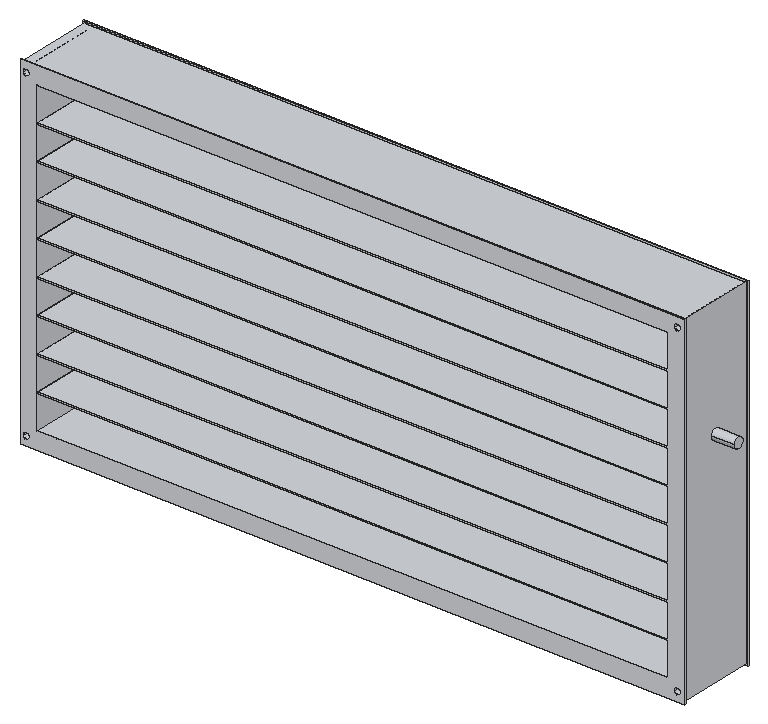
Revit family "18. Вертикальная заслонка ANR K1", category Оборудование, Revit 2016 (continued)
Definition of nested family "УГО заслонка №30 (разрез)"
  Lines and regions (mm)
    model lines, not visible
      curve 15: line (-88.681, 0, 249.852) -> (-88.681, 0, 218.46)
      curve 16: line (63.964, 0, 165.9) -> (-88.681, 0, 218.46)
      curve 17: line (63.964, 0, 165.9) -> (63.964, 0, 149.508)
      curve 18: line (63.964, 0, 149.508) -> (-88.681, 0, 96.948)
      curve 19: line (-88.681, 0, 96.948) -> (-88.681, 0, 65.557)
      curve 20: line (63.964, 0, 12.997) -> (-88.681, 0, 65.557)
      curve 23: circle (0, 0, 420) r 25 normal (0, -1, 0)
      curve 24: line (31.82, 0, 451.82) -> (-31.82, 0, 388.18)
      curve 25: circle (0, 0, 789.245) r 25 normal (0, 1, 0)
      curve 26: circle (0, 0, 536.745) r 25 normal (0, 1, 0)
      curve 27: circle (0, 0, 658.49) r 25 normal (0, 1, 0)
      curve 28: line (31.82, 0, 568.565) -> (-31.82, 0, 504.925)
      curve 29: line (31.82, 0, 690.31) -> (-31.82, 0, 626.671)
      curve 30: line (31.82, 0, 821.065) -> (-31.82, 0, 757.425)
      curve 31: circle (0, 0, 298.255) r 25 normal (0, 1, 0)
      curve 32: line (31.82, 0, 330.075) -> (-31.82, 0, 266.435)
      curve 33: circle (0, 0, 176.51) r 25 normal (0, 1, 0)
      curve 34: line (31.82, 0, 208.329) -> (-31.82, 0, 144.69)
      curve 35: circle (0, 0, 54.764) r 25 normal (0, 1, 0)
      curve 36: line (31.82, 0, 86.584) -> (-31.82, 0, 22.945)
      curve 43: line (-62.5, 0, 0) -> (62.5, 0, 0)
      curve 44: circle (0, 0, 520) r 25 normal (0, -1, 0)
      curve 45: line (31.82, 0, 551.82) -> (-31.82, 0, 488.18)
      curve 46: circle (0, 0, 680) r 25 normal (0, -1, 0)
      curve 47: line (31.82, 0, 711.82) -> (-31.82, 0, 648.18)
      curve 48: circle (0, 0, 840) r 25 normal (0, -1, 0)
      curve 49: line (31.82, 0, 871.82) -> (-31.82, 0, 808.18)
      curve 50: circle (0, 0, 1000) r 25 normal (0, -1, 0)
      curve 51: circle (0, 0, 360) r 25 normal (0, 1, 0)
      curve 52: circle (0, 0, 200) r 25 normal (0, 1, 0)
      curve 53: circle (0, 0, 40) r 25 normal (0, 1, 0)
      curve 54: line (31.82, 0, 391.82) -> (-31.82, 0, 328.18)
      curve 55: line (31.82, 0, 231.82) -> (-31.82, 0, 168.18)
      curve 56: line (31.82, 0, 71.82) -> (-31.82, 0, 8.18)
      curve 67: circle (0, 0, 700) r 25 normal (0, -1, 0)
      curve 68: line (31.82, 0, 731.82) -> (-31.82, 0, 668.18)
      curve 69: circle (0, 0, 860) r 25 normal (0, -1, 0)
      curve 70: line (31.82, 0, 891.82) -> (-31.82, 0, 828.18)
      curve 71: circle (0, 0, 1185) r 25 normal (0, -1, 0)
      curve 72: line (31.82, 0, 1216.82) -> (-31.82, 0, 1153.18)
      curve 73: circle (0, 0, 1345) r 25 normal (0, -1, 0)
      curve 74: line (31.82, 0, 1376.82) -> (-31.82, 0, 1313.18)
      curve 75: circle (0, 0, 1020) r 25 normal (0, -1, 0)
      curve 76: line (31.82, 0, 1051.82) -> (-31.82, 0, 988.18)
      curve 77: circle (0, 0, 540) r 25 normal (0, 1, 0)
      curve 78: circle (0, 0, 215) r 25 normal (0, 1, 0)
      curve 79: circle (0, 0, 55) r 25 normal (0, 1, 0)
      curve 80: circle (0, 0, 380) r 25 normal (0, 1, 0)
      curve 81: line (31.82, 0, 571.82) -> (-31.82, 0, 508.18)
      curve 82: line (31.82, 0, 411.82) -> (-31.82, 0, 348.18)
      curve 83: line (31.82, 0, 246.82) -> (-31.82, 0, 183.18)
      curve 84: line (31.82, 0, 86.82) -> (-31.82, 0, 23.18)
  Dimensions and locks
    equal spacing: plane 5, plane 3 "По центру (Влево/Вправо)", plane 6
    "длина": plane 5 to plane 6
    "высота": plane 4 to level
    equal spacing: plane 4, plane 7, plane 2
    aligned and locked: level to plane 2
  Automatic sketch dimensions
    curve 3 to plane 4 = 0 mm
    curve 3 to plane 6 = 0 mm
    curve 1 to level = 0 mm
    curve 1 to plane 5 = 0 mm
Definition of nested family "УГО заслонка №35 (разрез)"
  Parameters (values of type "УГО заслонка №35 (разрез)")
    длина [instance] = 125 mm
    высота [instance] = 1900 mm
    Ширина [instance] = 410 mm
    Частота вращения n, об/мин = ""
    Тип, марка, обозначение = ""
    Сила тока J, А = ""
    Раздел = ""
    Примечание = ""
    Позиция = ""
    Default Elevation = 1219.2 mm
    Напряжение U,В = ""
    Наименование и тех.хар-ка = ""
    Мощность двигателя N,Вт = ""
    Материал = none
    Масса единицы = ""
    Код, оборудования = ""
    Keynote = ""
    Завод изготовитель = ""
    Единица измерения = ""
    Диаметр = 110 mm
  Reference planes
    plane 1 "По центру (Вперед/Назад)": y = 0
    plane 2: z = 0
    plane 3 "По центру (Влево/Вправо)": x = 0
    plane 4: z = 1900
    plane 5: x = 62.5
    plane 6: x = -62.5
    plane 7: z = 950
  Lines and regions (mm)
    model lines
      curve 1: line (-62.5, 0, 0) -> (62.5, 0, 0)
      curve 2: line (-62.5, 0, 1900) -> (-62.5, 0, 0)
      curve 3: line (62.5, 0, 1900) -> (-62.5, 0, 1900)
      curve 4: line (62.5, 0, 0) -> (62.5, 0, 1900)
      curve 21: circle (0, 0, 950) r 25 normal (0, -1, 0)
      curve 22: line (31.82, 0, 981.82) -> (-31.82, 0, 918.18)
      curve 37: circle (0, 0, 1110) r 25 normal (0, -1, 0)
      curve 38: line (31.82, 0, 1141.82) -> (-31.82, 0, 1078.18)
      curve 39: circle (0, 0, 1435) r 25 normal (0, -1, 0)
      curve 40: line (31.82, 0, 1466.82) -> (-31.82, 0, 1403.18)
      curve 55: circle (0, 0, 1270) r 25 normal (0, -1, 0)
      curve 56: line (31.82, 0, 1301.82) -> (-31.82, 0, 1238.18)
      curve 57: circle (0, 0, 620) r 25 normal (0, 1, 0)
      curve 58: circle (0, 0, 295) r 25 normal (0, 1, 0)
      curve 59: circle (0, 0, 135) r 25 normal (0, 1, 0)
      curve 60: circle (0, 0, 460) r 25 normal (0, 1, 0)
      curve 61: line (31.82, 0, 651.82) -> (-31.82, 0, 588.18)
      curve 62: line (31.82, 0, 491.82) -> (-31.82, 0, 428.18)
      curve 63: line (31.82, 0, 326.82) -> (-31.82, 0, 263.18)
      curve 64: line (31.82, 0, 166.82) -> (-31.82, 0, 103.18)
      curve 83: circle (0, 0, 780) r 25 normal (0, 1, 0)
      curve 84: line (31.82, 0, 811.82) -> (-31.82, 0, 748.18)
      curve 85: circle (0, 0, 1600) r 25 normal (0, -1, 0)
      curve 86: line (31.82, 0, 1631.82) -> (-31.82, 0, 1568.18)
      curve 87: circle (0, 0, 1765) r 25 normal (0, -1, 0)
      curve 88: line (31.82, 0, 1796.82) -> (-31.82, 0, 1733.18)
    model lines, not visible
      curve 5: line (63.964, 0, 624.61) -> (63.964, 0, 608.219)
      curve 6: line (63.964, 0, 608.219) -> (-88.681, 0, 555.659)
      curve 7: line (-88.681, 0, 555.659) -> (-88.681, 0, 524.267)
      curve 8: line (63.964, 0, 471.707) -> (-88.681, 0, 524.267)
      curve 9: line (63.964, 0, 471.707) -> (63.964, 0, 455.315)
      curve 10: line (63.964, 0, 455.315) -> (-88.681, 0, 402.755)
      curve 11: line (-88.681, 0, 402.755) -> (-88.681, 0, 371.363)
      curve 12: line (63.964, 0, 318.804) -> (-88.681, 0, 371.363)
      curve 13: line (63.964, 0, 318.804) -> (63.964, 0, 302.412)
      curve 14: line (63.964, 0, 302.412) -> (-88.681, 0, 249.852)
      curve 15: line (-88.681, 0, 249.852) -> (-88.681, 0, 218.46)
      curve 16: line (63.964, 0, 165.9) -> (-88.681, 0, 218.46)
      curve 17: line (63.964, 0, 165.9) -> (63.964, 0, 149.508)
      curve 18: line (63.964, 0, 149.508) -> (-88.681, 0, 96.948)
      curve 19: line (-88.681, 0, 96.948) -> (-88.681, 0, 65.557)
      curve 20: line (63.964, 0, 12.997) -> (-88.681, 0, 65.557)
      curve 23: circle (0, 0, 420) r 25 normal (0, -1, 0)
      curve 24: line (31.82, 0, 451.82) -> (-31.82, 0, 388.18)
      curve 25: circle (0, 0, 789.245) r 25 normal (0, 1, 0)
      curve 26: circle (0, 0, 536.745) r 25 normal (0, 1, 0)
      curve 27: circle (0, 0, 658.49) r 25 normal (0, 1, 0)
      curve 28: line (31.82, 0, 568.565) -> (-31.82, 0, 504.925)
      curve 29: line (31.82, 0, 690.31) -> (-31.82, 0, 626.671)
      curve 30: line (31.82, 0, 821.065) -> (-31.82, 0, 757.425)
      curve 31: circle (0, 0, 298.255) r 25 normal (0, 1, 0)
      curve 32: line (31.82, 0, 330.075) -> (-31.82, 0, 266.435)
      curve 33: circle (0, 0, 176.51) r 25 normal (0, 1, 0)
      curve 34: line (31.82, 0, 208.329) -> (-31.82, 0, 144.69)
      curve 35: circle (0, 0, 54.764) r 25 normal (0, 1, 0)
      curve 36: line (31.82, 0, 86.584) -> (-31.82, 0, 22.945)
      curve 41: line (-62.5, 0, 0) -> (62.5, 0, 0)
      curve 42: circle (0, 0, 520) r 25 normal (0, -1, 0)
      curve 43: line (31.82, 0, 551.82) -> (-31.82, 0, 488.18)
      curve 44: circle (0, 0, 680) r 25 normal (0, -1, 0)
      curve 45: line (31.82, 0, 711.82) -> (-31.82, 0, 648.18)
      curve 46: circle (0, 0, 840) r 25 normal (0, -1, 0)
      curve 47: line (31.82, 0, 871.82) -> (-31.82, 0, 808.18)
      curve 48: circle (0, 0, 1000) r 25 normal (0, -1, 0)
      curve 49: circle (0, 0, 360) r 25 normal (0, 1, 0)
      curve 50: circle (0, 0, 200) r 25 normal (0, 1, 0)
      curve 51: circle (0, 0, 40) r 25 normal (0, 1, 0)
      curve 52: line (31.82, 0, 391.82) -> (-31.82, 0, 328.18)
      curve 53: line (31.82, 0, 231.82) -> (-31.82, 0, 168.18)
      curve 54: line (31.82, 0, 71.82) -> (-31.82, 0, 8.18)
      curve 65: circle (0, 0, 700) r 25 normal (0, -1, 0)
      curve 66: line (31.82, 0, 731.82) -> (-31.82, 0, 668.18)
      curve 67: circle (0, 0, 860) r 25 normal (0, -1, 0)
      curve 68: line (31.82, 0, 891.82) -> (-31.82, 0, 828.18)
      curve 69: circle (0, 0, 1185) r 25 normal (0, -1, 0)
      curve 70: line (31.82, 0, 1216.82) -> (-31.82, 0, 1153.18)
      curve 71: circle (0, 0, 1345) r 25 normal (0, -1, 0)
      curve 72: line (31.82, 0, 1376.82) -> (-31.82, 0, 1313.18)
      curve 73: circle (0, 0, 1020) r 25 normal (0, -1, 0)
      curve 74: line (31.82, 0, 1051.82) -> (-31.82, 0, 988.18)
      curve 75: circle (0, 0, 540) r 25 normal (0, 1, 0)
      curve 76: circle (0, 0, 215) r 25 normal (0, 1, 0)
      curve 77: circle (0, 0, 55) r 25 normal (0, 1, 0)
      curve 78: circle (0, 0, 380) r 25 normal (0, 1, 0)
      curve 79: line (31.82, 0, 571.82) -> (-31.82, 0, 508.18)
      curve 80: line (31.82, 0, 411.82) -> (-31.82, 0, 348.18)
      curve 81: line (31.82, 0, 246.82) -> (-31.82, 0, 183.18)
      curve 82: line (31.82, 0, 86.82) -> (-31.82, 0, 23.18)
      curve 89: circle (0, 0, 950) r 25 normal (0, -1, 0)
      curve 90: line (31.82, 0, 981.82) -> (-31.82, 0, 918.18)
      curve 91: circle (0, 0, 1110) r 25 normal (0, -1, 0)
      curve 92: line (31.82, 0, 1141.82) -> (-31.82, 0, 1078.18)
      curve 93: circle (0, 0, 1435) r 25 normal (0, -1, 0)
      curve 94: line (31.82, 0, 1466.82) -> (-31.82, 0, 1403.18)
      curve 95: circle (0, 0, 1270) r 25 normal (0, -1, 0)
      curve 96: line (31.82, 0, 1301.82) -> (-31.82, 0, 1238.18)
      curve 97: circle (0, 0, 620) r 25 normal (0, 1, 0)
      curve 98: circle (0, 0, 295) r 25 normal (0, 1, 0)
      curve 99: circle (0, 0, 135) r 25 normal (0, 1, 0)
      curve 100: circle (0, 0, 460) r 25 normal (0, 1, 0)
      curve 101: line (31.82, 0, 651.82) -> (-31.82, 0, 588.18)
      curve 102: line (31.82, 0, 491.82) -> (-31.82, 0, 428.18)
      curve 103: line (31.82, 0, 326.82) -> (-31.82, 0, 263.18)
      curve 104: line (31.82, 0, 166.82) -> (-31.82, 0, 103.18)
      curve 105: circle (0, 0, 780) r 25 normal (0, 1, 0)
      curve 106: line (31.82, 0, 811.82) -> (-31.82, 0, 748.18)
      curve 107: circle (0, 0, 1600) r 25 normal (0, -1, 0)
      curve 108: line (31.82, 0, 1631.82) -> (-31.82, 0, 1568.18)
      curve 109: circle (0, 0, 1765) r 25 normal (0, -1, 0)
      curve 110: line (31.82, 0, 1796.82) -> (-31.82, 0, 1733.18)
  Dimensions and locks
    equal spacing: plane 5, plane 3 "По центру (Влево/Вправо)", plane 6
    "длина": plane 5 to plane 6
    "высота": plane 4 to level
    equal spacing: plane 4, plane 7, plane 2
    aligned and locked: level to plane 2
  Automatic sketch dimensions
    curve 3 to plane 4 = 0 mm
    curve 3 to plane 6 = 0 mm
    curve 4 to level = 0 mm
    curve 4 to plane 5 = 0 mm
Definition of nested family "УГО заслонка №40 (разрез)"
  Parameters (values of type "УГО заслонка №40 (разрез)")
    длина [instance] = 125 mm
    высота [instance] = 2100 mm
    Ширина [instance] = 410 mm
    Частота вращения n, об/мин = ""
    Тип, марка, обозначение = ""
    Сила тока J, А = ""
    Раздел = ""
    Примечание = ""
    Позиция = ""
    Default Elevation = 1219.2 mm
    Напряжение U,В = ""
    Наименование и тех.хар-ка = ""
    Мощность двигателя N,Вт = ""
    Материал = none
    Масса единицы = ""
    Код, оборудования = ""
    Keynote = ""
    Завод изготовитель = ""
    Единица измерения = ""
    Диаметр = 110 mm
  Reference planes
    plane 1 "По центру (Вперед/Назад)": y = 0
    plane 2: z = 0
    plane 3 "По центру (Влево/Вправо)": x = 0
    plane 4: z = 2100
    plane 5: x = 62.5
    plane 6: x = -62.5
    plane 7: z = 1050
  Lines and regions (mm)
    model lines
      curve 1: line (-62.5, 0, 0) -> (62.5, 0, 0)
      curve 2: line (-62.5, 0, 2100) -> (-62.5, 0, 0)
      curve 3: line (62.5, 0, 2100) -> (-62.5, 0, 2100)
      curve 4: line (62.5, 0, 0) -> (62.5, 0, 2100)
      curve 21: circle (0, 0, 1050) r 25 normal (0, -1, 0)
      curve 22: line (31.82, 0, 1081.82) -> (-31.82, 0, 1018.18)
      curve 37: circle (0, 0, 1210) r 25 normal (0, -1, 0)
      curve 38: line (31.82, 0, 1241.82) -> (-31.82, 0, 1178.18)
      curve 39: circle (0, 0, 1535) r 25 normal (0, -1, 0)
      curve 40: line (31.82, 0, 1566.82) -> (-31.82, 0, 1503.18)
      curve 55: circle (0, 0, 1370) r 25 normal (0, -1, 0)
      curve 56: line (31.82, 0, 1401.82) -> (-31.82, 0, 1338.18)
      curve 57: circle (0, 0, 720) r 25 normal (0, 1, 0)
      curve 58: circle (0, 0, 395) r 25 normal (0, 1, 0)
      curve 59: circle (0, 0, 235) r 25 normal (0, 1, 0)
      curve 60: circle (0, 0, 560) r 25 normal (0, 1, 0)
      curve 61: line (31.82, 0, 751.82) -> (-31.82, 0, 688.18)
      curve 62: line (31.82, 0, 591.82) -> (-31.82, 0, 528.18)
      curve 63: line (31.82, 0, 426.82) -> (-31.82, 0, 363.18)
      curve 64: line (31.82, 0, 266.82) -> (-31.82, 0, 203.18)
      curve 83: circle (0, 0, 880) r 25 normal (0, 1, 0)
      curve 84: line (31.82, 0, 911.82) -> (-31.82, 0, 848.18)
      curve 85: circle (0, 0, 1700) r 25 normal (0, -1, 0)
      curve 86: line (31.82, 0, 1731.82) -> (-31.82, 0, 1668.18)
      curve 109: circle (0, 0, 1865) r 25 normal (0, -1, 0)
      curve 110: line (31.82, 0, 1896.82) -> (-31.82, 0, 1833.18)
    model lines, not visible
      curve 5: line (63.964, 0, 624.61) -> (63.964, 0, 608.219)
      curve 6: line (63.964, 0, 608.219) -> (-88.681, 0, 555.659)
      curve 7: line (-88.681, 0, 555.659) -> (-88.681, 0, 524.267)
      curve 8: line (63.964, 0, 471.707) -> (-88.681, 0, 524.267)
      curve 9: line (63.964, 0, 471.707) -> (63.964, 0, 455.315)
      curve 10: line (63.964, 0, 455.315) -> (-88.681, 0, 402.755)
      curve 11: line (-88.681, 0, 402.755) -> (-88.681, 0, 371.363)
      curve 12: line (63.964, 0, 318.804) -> (-88.681, 0, 371.363)
      curve 13: line (63.964, 0, 318.804) -> (63.964, 0, 302.412)
      curve 14: line (63.964, 0, 302.412) -> (-88.681, 0, 249.852)
      curve 15: line (-88.681, 0, 249.852) -> (-88.681, 0, 218.46)
      curve 16: line (63.964, 0, 165.9) -> (-88.681, 0, 218.46)
      curve 17: line (63.964, 0, 165.9) -> (63.964, 0, 149.508)
      curve 18: line (63.964, 0, 149.508) -> (-88.681, 0, 96.948)
      curve 19: line (-88.681, 0, 96.948) -> (-88.681, 0, 65.557)
      curve 20: line (63.964, 0, 12.997) -> (-88.681, 0, 65.557)
      curve 23: circle (0, 0, 420) r 25 normal (0, -1, 0)
      curve 24: line (31.82, 0, 451.82) -> (-31.82, 0, 388.18)
      curve 25: circle (0, 0, 789.245) r 25 normal (0, 1, 0)
      curve 26: circle (0, 0, 536.745) r 25 normal (0, 1, 0)
      curve 27: circle (0, 0, 658.49) r 25 normal (0, 1, 0)
      curve 28: line (31.82, 0, 568.565) -> (-31.82, 0, 504.925)
      curve 29: line (31.82, 0, 690.31) -> (-31.82, 0, 626.671)
      curve 30: line (31.82, 0, 821.065) -> (-31.82, 0, 757.425)
      curve 31: circle (0, 0, 298.255) r 25 normal (0, 1, 0)
      curve 32: line (31.82, 0, 330.075) -> (-31.82, 0, 266.435)
      curve 33: circle (0, 0, 176.51) r 25 normal (0, 1, 0)
      curve 34: line (31.82, 0, 208.329) -> (-31.82, 0, 144.69)
      curve 35: circle (0, 0, 54.764) r 25 normal (0, 1, 0)
      curve 36: line (31.82, 0, 86.584) -> (-31.82, 0, 22.945)
      curve 41: line (-62.5, 0, 0) -> (62.5, 0, 0)
      curve 42: circle (0, 0, 520) r 25 normal (0, -1, 0)
      curve 43: line (31.82, 0, 551.82) -> (-31.82, 0, 488.18)
      curve 44: circle (0, 0, 680) r 25 normal (0, -1, 0)
      curve 45: line (31.82, 0, 711.82) -> (-31.82, 0, 648.18)
      curve 46: circle (0, 0, 840) r 25 normal (0, -1, 0)
      curve 47: line (31.82, 0, 871.82) -> (-31.82, 0, 808.18)
      curve 48: circle (0, 0, 1000) r 25 normal (0, -1, 0)
      curve 49: circle (0, 0, 360) r 25 normal (0, 1, 0)
      curve 50: circle (0, 0, 200) r 25 normal (0, 1, 0)
      curve 51: circle (0, 0, 40) r 25 normal (0, 1, 0)
      curve 52: line (31.82, 0, 391.82) -> (-31.82, 0, 328.18)
      curve 53: line (31.82, 0, 231.82) -> (-31.82, 0, 168.18)
      curve 54: line (31.82, 0, 71.82) -> (-31.82, 0, 8.18)
      curve 65: circle (0, 0, 700) r 25 normal (0, -1, 0)
      curve 66: line (31.82, 0, 731.82) -> (-31.82, 0, 668.18)
      curve 67: circle (0, 0, 860) r 25 normal (0, -1, 0)
      curve 68: line (31.82, 0, 891.82) -> (-31.82, 0, 828.18)
      curve 69: circle (0, 0, 1185) r 25 normal (0, -1, 0)
      curve 70: line (31.82, 0, 1216.82) -> (-31.82, 0, 1153.18)
      curve 71: circle (0, 0, 1345) r 25 normal (0, -1, 0)
      curve 72: line (31.82, 0, 1376.82) -> (-31.82, 0, 1313.18)
      curve 73: circle (0, 0, 1020) r 25 normal (0, -1, 0)
      curve 74: line (31.82, 0, 1051.82) -> (-31.82, 0, 988.18)
      curve 75: circle (0, 0, 540) r 25 normal (0, 1, 0)
      curve 76: circle (0, 0, 215) r 25 normal (0, 1, 0)
      curve 77: circle (0, 0, 55) r 25 normal (0, 1, 0)
      curve 78: circle (0, 0, 380) r 25 normal (0, 1, 0)
      curve 79: line (31.82, 0, 571.82) -> (-31.82, 0, 508.18)
      curve 80: line (31.82, 0, 411.82) -> (-31.82, 0, 348.18)
      curve 81: line (31.82, 0, 246.82) -> (-31.82, 0, 183.18)
      curve 82: line (31.82, 0, 86.82) -> (-31.82, 0, 23.18)
      curve 87: circle (0, 0, 950) r 25 normal (0, -1, 0)
      curve 88: line (31.82, 0, 981.82) -> (-31.82, 0, 918.18)
      curve 89: circle (0, 0, 1110) r 25 normal (0, -1, 0)
      curve 90: line (31.82, 0, 1141.82) -> (-31.82, 0, 1078.18)
      curve 91: circle (0, 0, 1435) r 25 normal (0, -1, 0)
      curve 92: line (31.82, 0, 1466.82) -> (-31.82, 0, 1403.18)
      curve 93: circle (0, 0, 1270) r 25 normal (0, -1, 0)
      curve 94: line (31.82, 0, 1301.82) -> (-31.82, 0, 1238.18)
      curve 95: circle (0, 0, 620) r 25 normal (0, 1, 0)
      curve 96: circle (0, 0, 295) r 25 normal (0, 1, 0)
      curve 97: circle (0, 0, 135) r 25 normal (0, 1, 0)
      curve 98: circle (0, 0, 460) r 25 normal (0, 1, 0)
      curve 99: line (31.82, 0, 651.82) -> (-31.82, 0, 588.18)
      curve 100: line (31.82, 0, 491.82) -> (-31.82, 0, 428.18)
      curve 101: line (31.82, 0, 326.82) -> (-31.82, 0, 263.18)
      curve 102: line (31.82, 0, 166.82) -> (-31.82, 0, 103.18)
      curve 103: circle (0, 0, 780) r 25 normal (0, 1, 0)
      curve 104: line (31.82, 0, 811.82) -> (-31.82, 0, 748.18)
      curve 105: circle (0, 0, 1600) r 25 normal (0, -1, 0)
      curve 106: line (31.82, 0, 1631.82) -> (-31.82, 0, 1568.18)
      curve 107: circle (0, 0, 1765) r 25 normal (0, -1, 0)
      curve 108: line (31.82, 0, 1796.82) -> (-31.82, 0, 1733.18)
      curve 111: circle (0, 0, 1050) r 25 normal (0, -1, 0)
      curve 112: line (31.82, 0, 1081.82) -> (-31.82, 0, 1018.18)
      curve 113: circle (0, 0, 1210) r 25 normal (0, -1, 0)
      curve 114: line (31.82, 0, 1241.82) -> (-31.82, 0, 1178.18)
      curve 115: circle (0, 0, 1535) r 25 normal (0, -1, 0)
      curve 116: line (31.82, 0, 1566.82) -> (-31.82, 0, 1503.18)
      curve 117: circle (0, 0, 1370) r 25 normal (0, -1, 0)
      curve 118: line (31.82, 0, 1401.82) -> (-31.82, 0, 1338.18)
      curve 119: circle (0, 0, 720) r 25 normal (0, 1, 0)
      curve 120: circle (0, 0, 395) r 25 normal (0, 1, 0)
      curve 121: circle (0, 0, 235) r 25 normal (0, 1, 0)
      curve 122: circle (0, 0, 560) r 25 normal (0, 1, 0)
      curve 123: line (31.82, 0, 751.82) -> (-31.82, 0, 688.18)
      curve 124: line (31.82, 0, 591.82) -> (-31.82, 0, 528.18)
      curve 125: line (31.82, 0, 426.82) -> (-31.82, 0, 363.18)
      curve 126: line (31.82, 0, 266.82) -> (-31.82, 0, 203.18)
      curve 127: circle (0, 0, 880) r 25 normal (0, 1, 0)
      curve 128: line (31.82, 0, 911.82) -> (-31.82, 0, 848.18)
      curve 129: circle (0, 0, 1700) r 25 normal (0, -1, 0)
      curve 130: line (31.82, 0, 1731.82) -> (-31.82, 0, 1668.18)
      curve 131: circle (0, 0, 1865) r 25 normal (0, -1, 0)
      curve 132: line (31.82, 0, 1896.82) -> (-31.82, 0, 1833.18)
  Dimensions and locks
    equal spacing: plane 5, plane 3 "По центру (Влево/Вправо)", plane 6
    "длина": plane 5 to plane 6
    "высота": plane 4 to level
    equal spacing: plane 4, plane 7, plane 2
    aligned and locked: level to plane 2
  Automatic sketch dimensions
    curve 3 to plane 4 = 0 mm
    curve 3 to plane 6 = 0 mm
    curve 4 to level = 0 mm
    curve 4 to plane 5 = 0 mm
Definition of nested family "УГО заслонка №45 (разрез)"
  Parameters (values of type "УГО заслонка №45 (разрез)")
    длина [instance] = 125 mm
    высота [instance] = 2100 mm
    Ширина [instance] = 410 mm
    Частота вращения n, об/мин = ""
    Тип, марка, обозначение = ""
    Сила тока J, А = ""
    Раздел = ""
    Примечание = ""
    Позиция = ""
    Default Elevation = 1219.2 mm
    Напряжение U,В = ""
    Наименование и тех.хар-ка = ""
    Мощность двигателя N,Вт = ""
    Материал = none
    Масса единицы = ""
    Код, оборудования = ""
    Keynote = ""
    Завод изготовитель = ""
    Единица измерения = ""
    Диаметр = 110 mm
  Reference planes
    plane 1 "По центру (Вперед/Назад)": y = 0
    plane 2: z = 0
    plane 3 "По центру (Влево/Вправо)": x = 0
    plane 4: z = 2100
    plane 5: x = 62.5
    plane 6: x = -62.5
    plane 7: z = 1050
  Lines and regions (mm)
    model lines
      curve 1: line (-62.5, 0, 0) -> (62.5, 0, 0)
      curve 2: line (-62.5, 0, 2100) -> (-62.5, 0, 0)
      curve 3: line (62.5, 0, 2100) -> (-62.5, 0, 2100)
      curve 4: line (62.5, 0, 0) -> (62.5, 0, 2100)
      curve 21: circle (0, 0, 1050) r 25 normal (0, -1, 0)
      curve 22: line (31.82, 0, 1081.82) -> (-31.82, 0, 1018.18)
      curve 37: circle (0, 0, 1210) r 25 normal (0, -1, 0)
      curve 38: line (31.82, 0, 1241.82) -> (-31.82, 0, 1178.18)
      curve 39: circle (0, 0, 1535) r 25 normal (0, -1, 0)
      curve 40: line (31.82, 0, 1566.82) -> (-31.82, 0, 1503.18)
      curve 55: circle (0, 0, 1370) r 25 normal (0, -1, 0)
      curve 56: line (31.82, 0, 1401.82) -> (-31.82, 0, 1338.18)
      curve 57: circle (0, 0, 720) r 25 normal (0, 1, 0)
      curve 58: circle (0, 0, 395) r 25 normal (0, 1, 0)
      curve 59: circle (0, 0, 235) r 25 normal (0, 1, 0)
      curve 60: circle (0, 0, 560) r 25 normal (0, 1, 0)
      curve 61: line (31.82, 0, 751.82) -> (-31.82, 0, 688.18)
      curve 62: line (31.82, 0, 591.82) -> (-31.82, 0, 528.18)
      curve 63: line (31.82, 0, 426.82) -> (-31.82, 0, 363.18)
      curve 64: line (31.82, 0, 266.82) -> (-31.82, 0, 203.18)
      curve 83: circle (0, 0, 880) r 25 normal (0, 1, 0)
      curve 84: line (31.82, 0, 911.82) -> (-31.82, 0, 848.18)
      curve 85: circle (0, 0, 1700) r 25 normal (0, -1, 0)
      curve 86: line (31.82, 0, 1731.82) -> (-31.82, 0, 1668.18)
      curve 109: circle (0, 0, 1865) r 25 normal (0, -1, 0)
      curve 110: line (31.82, 0, 1896.82) -> (-31.82, 0, 1833.18)
      curve 133: circle (0, 0, 2030) r 25 normal (0, -1, 0)
      curve 134: line (31.82, 0, 2061.82) -> (-31.82, 0, 1998.18)
      curve 135: circle (0, 0, 75) r 25 normal (0, 1, 0)
      curve 136: line (31.82, 0, 106.82) -> (-31.82, 0, 43.18)
    model lines, not visible
      curve 5: line (63.964, 0, 624.61) -> (63.964, 0, 608.219)
      curve 6: line (63.964, 0, 608.219) -> (-88.681, 0, 555.659)
      curve 7: line (-88.681, 0, 555.659) -> (-88.681, 0, 524.267)
      curve 8: line (63.964, 0, 471.707) -> (-88.681, 0, 524.267)
      curve 9: line (63.964, 0, 471.707) -> (63.964, 0, 455.315)
      curve 10: line (63.964, 0, 455.315) -> (-88.681, 0, 402.755)
      curve 11: line (-88.681, 0, 402.755) -> (-88.681, 0, 371.363)
      curve 12: line (63.964, 0, 318.804) -> (-88.681, 0, 371.363)
      curve 13: line (63.964, 0, 318.804) -> (63.964, 0, 302.412)
      curve 14: line (63.964, 0, 302.412) -> (-88.681, 0, 249.852)
      curve 15: line (-88.681, 0, 249.852) -> (-88.681, 0, 218.46)
      curve 16: line (63.964, 0, 165.9) -> (-88.681, 0, 218.46)
      curve 17: line (63.964, 0, 165.9) -> (63.964, 0, 149.508)
      curve 18: line (63.964, 0, 149.508) -> (-88.681, 0, 96.948)
      curve 19: line (-88.681, 0, 96.948) -> (-88.681, 0, 65.557)
      curve 20: line (63.964, 0, 12.997) -> (-88.681, 0, 65.557)
      curve 23: circle (0, 0, 420) r 25 normal (0, -1, 0)
      curve 24: line (31.82, 0, 451.82) -> (-31.82, 0, 388.18)
      curve 25: circle (0, 0, 789.245) r 25 normal (0, 1, 0)
      curve 26: circle (0, 0, 536.745) r 25 normal (0, 1, 0)
      curve 27: circle (0, 0, 658.49) r 25 normal (0, 1, 0)
      curve 28: line (31.82, 0, 568.565) -> (-31.82, 0, 504.925)
      curve 29: line (31.82, 0, 690.31) -> (-31.82, 0, 626.671)
      curve 30: line (31.82, 0, 821.065) -> (-31.82, 0, 757.425)
      curve 31: circle (0, 0, 298.255) r 25 normal (0, 1, 0)
      curve 32: line (31.82, 0, 330.075) -> (-31.82, 0, 266.435)
      curve 33: circle (0, 0, 176.51) r 25 normal (0, 1, 0)
      curve 34: line (31.82, 0, 208.329) -> (-31.82, 0, 144.69)
      curve 35: circle (0, 0, 54.764) r 25 normal (0, 1, 0)
      curve 36: line (31.82, 0, 86.584) -> (-31.82, 0, 22.945)
      curve 41: line (-62.5, 0, 0) -> (62.5, 0, 0)
      curve 42: circle (0, 0, 520) r 25 normal (0, -1, 0)
      curve 43: line (31.82, 0, 551.82) -> (-31.82, 0, 488.18)
      curve 44: circle (0, 0, 680) r 25 normal (0, -1, 0)
      curve 45: line (31.82, 0, 711.82) -> (-31.82, 0, 648.18)
      curve 46: circle (0, 0, 840) r 25 normal (0, -1, 0)
      curve 47: line (31.82, 0, 871.82) -> (-31.82, 0, 808.18)
      curve 48: circle (0, 0, 1000) r 25 normal (0, -1, 0)
      curve 49: circle (0, 0, 360) r 25 normal (0, 1, 0)
      curve 50: circle (0, 0, 200) r 25 normal (0, 1, 0)
      curve 51: circle (0, 0, 40) r 25 normal (0, 1, 0)
      curve 52: line (31.82, 0, 391.82) -> (-31.82, 0, 328.18)
      curve 53: line (31.82, 0, 231.82) -> (-31.82, 0, 168.18)
      curve 54: line (31.82, 0, 71.82) -> (-31.82, 0, 8.18)
      curve 65: circle (0, 0, 700) r 25 normal (0, -1, 0)
      curve 66: line (31.82, 0, 731.82) -> (-31.82, 0, 668.18)
      curve 67: circle (0, 0, 860) r 25 normal (0, -1, 0)
      curve 68: line (31.82, 0, 891.82) -> (-31.82, 0, 828.18)
      curve 69: circle (0, 0, 1185) r 25 normal (0, -1, 0)
      curve 70: line (31.82, 0, 1216.82) -> (-31.82, 0, 1153.18)
      curve 71: circle (0, 0, 1345) r 25 normal (0, -1, 0)
      curve 72: line (31.82, 0, 1376.82) -> (-31.82, 0, 1313.18)
      curve 73: circle (0, 0, 1020) r 25 normal (0, -1, 0)
      curve 74: line (31.82, 0, 1051.82) -> (-31.82, 0, 988.18)
      curve 75: circle (0, 0, 540) r 25 normal (0, 1, 0)
      curve 76: circle (0, 0, 215) r 25 normal (0, 1, 0)
      curve 77: circle (0, 0, 55) r 25 normal (0, 1, 0)
      curve 78: circle (0, 0, 380) r 25 normal (0, 1, 0)
      curve 79: line (31.82, 0, 571.82) -> (-31.82, 0, 508.18)
      curve 80: line (31.82, 0, 411.82) -> (-31.82, 0, 348.18)
      curve 81: line (31.82, 0, 246.82) -> (-31.82, 0, 183.18)
      curve 82: line (31.82, 0, 86.82) -> (-31.82, 0, 23.18)
      curve 87: circle (0, 0, 950) r 25 normal (0, -1, 0)
      curve 88: line (31.82, 0, 981.82) -> (-31.82, 0, 918.18)
      curve 89: circle (0, 0, 1110) r 25 normal (0, -1, 0)
      curve 90: line (31.82, 0, 1141.82) -> (-31.82, 0, 1078.18)
      curve 91: circle (0, 0, 1435) r 25 normal (0, -1, 0)
      curve 92: line (31.82, 0, 1466.82) -> (-31.82, 0, 1403.18)
      curve 93: circle (0, 0, 1270) r 25 normal (0, -1, 0)
      curve 94: line (31.82, 0, 1301.82) -> (-31.82, 0, 1238.18)
      curve 95: circle (0, 0, 620) r 25 normal (0, 1, 0)
      curve 96: circle (0, 0, 295) r 25 normal (0, 1, 0)
      curve 97: circle (0, 0, 135) r 25 normal (0, 1, 0)
      curve 98: circle (0, 0, 460) r 25 normal (0, 1, 0)
      curve 99: line (31.82, 0, 651.82) -> (-31.82, 0, 588.18)
      curve 100: line (31.82, 0, 491.82) -> (-31.82, 0, 428.18)
      curve 101: line (31.82, 0, 326.82) -> (-31.82, 0, 263.18)
      curve 102: line (31.82, 0, 166.82) -> (-31.82, 0, 103.18)
      curve 103: circle (0, 0, 780) r 25 normal (0, 1, 0)
      curve 104: line (31.82, 0, 811.82) -> (-31.82, 0, 748.18)
      curve 105: circle (0, 0, 1600) r 25 normal (0, -1, 0)
      curve 106: line (31.82, 0, 1631.82) -> (-31.82, 0, 1568.18)
      curve 107: circle (0, 0, 1765) r 25 normal (0, -1, 0)
      curve 108: line (31.82, 0, 1796.82) -> (-31.82, 0, 1733.18)
      curve 111: circle (0, 0, 1050) r 25 normal (0, -1, 0)
      curve 112: line (31.82, 0, 1081.82) -> (-31.82, 0, 1018.18)
      curve 113: circle (0, 0, 1210) r 25 normal (0, -1, 0)
      curve 114: line (31.82, 0, 1241.82) -> (-31.82, 0, 1178.18)
      curve 115: circle (0, 0, 1535) r 25 normal (0, -1, 0)
      curve 116: line (31.82, 0, 1566.82) -> (-31.82, 0, 1503.18)
      curve 117: circle (0, 0, 1370) r 25 normal (0, -1, 0)
      curve 118: line (31.82, 0, 1401.82) -> (-31.82, 0, 1338.18)
      curve 119: circle (0, 0, 720) r 25 normal (0, 1, 0)
      curve 120: circle (0, 0, 395) r 25 normal (0, 1, 0)
      curve 121: circle (0, 0, 235) r 25 normal (0, 1, 0)
      curve 122: circle (0, 0, 560) r 25 normal (0, 1, 0)
      curve 123: line (31.82, 0, 751.82) -> (-31.82, 0, 688.18)
      curve 124: line (31.82, 0, 591.82) -> (-31.82, 0, 528.18)
      curve 125: line (31.82, 0, 426.82) -> (-31.82, 0, 363.18)
      curve 126: line (31.82, 0, 266.82) -> (-31.82, 0, 203.18)
      curve 127: circle (0, 0, 880) r 25 normal (0, 1, 0)
      curve 128: line (31.82, 0, 911.82) -> (-31.82, 0, 848.18)
      curve 129: circle (0, 0, 1700) r 25 normal (0, -1, 0)
      curve 130: line (31.82, 0, 1731.82) -> (-31.82, 0, 1668.18)
      curve 131: circle (0, 0, 1865) r 25 normal (0, -1, 0)
      curve 132: line (31.82, 0, 1896.82) -> (-31.82, 0, 1833.18)
      curve 137: circle (0, 0, 1050) r 25 normal (0, -1, 0)
      curve 138: line (31.82, 0, 1081.82) -> (-31.82, 0, 1018.18)
      curve 139: circle (0, 0, 1210) r 25 normal (0, -1, 0)
      curve 140: line (31.82, 0, 1241.82) -> (-31.82, 0, 1178.18)
      curve 141: circle (0, 0, 1535) r 25 normal (0, -1, 0)
      curve 142: line (31.82, 0, 1566.82) -> (-31.82, 0, 1503.18)
      curve 143: circle (0, 0, 1370) r 25 normal (0, -1, 0)
      curve 144: line (31.82, 0, 1401.82) -> (-31.82, 0, 1338.18)
      curve 145: circle (0, 0, 720) r 25 normal (0, 1, 0)
      curve 146: circle (0, 0, 395) r 25 normal (0, 1, 0)
      curve 147: circle (0, 0, 235) r 25 normal (0, 1, 0)
      curve 148: circle (0, 0, 560) r 25 normal (0, 1, 0)
      curve 149: line (31.82, 0, 751.82) -> (-31.82, 0, 688.18)
      curve 150: line (31.82, 0, 591.82) -> (-31.82, 0, 528.18)
      curve 151: line (31.82, 0, 426.82) -> (-31.82, 0, 363.18)
      curve 152: line (31.82, 0, 266.82) -> (-31.82, 0, 203.18)
      curve 153: circle (0, 0, 880) r 25 normal (0, 1, 0)
      curve 154: line (31.82, 0, 911.82) -> (-31.82, 0, 848.18)
      curve 155: circle (0, 0, 1700) r 25 normal (0, -1, 0)
      curve 156: line (31.82, 0, 1731.82) -> (-31.82, 0, 1668.18)
      curve 157: circle (0, 0, 1865) r 25 normal (0, -1, 0)
      curve 158: line (31.82, 0, 1896.82) -> (-31.82, 0, 1833.18)
      curve 159: circle (0, 0, 2030) r 25 normal (0, -1, 0)
      curve 160: line (31.82, 0, 2061.82) -> (-31.82, 0, 1998.18)
      curve 161: circle (0, 0, 75) r 25 normal (0, 1, 0)
      curve 162: line (31.82, 0, 106.82) -> (-31.82, 0, 43.18)
  Dimensions and locks
    equal spacing: plane 5, plane 3 "По центру (Влево/Вправо)", plane 6
    "длина": plane 5 to plane 6
    "высота": plane 4 to level
    equal spacing: plane 4, plane 7, plane 2
    aligned and locked: level to plane 2
  Automatic sketch dimensions
    curve 3 to plane 4 = 0 mm
    curve 3 to plane 6 = 0 mm
    curve 4 to level = 0 mm
    curve 4 to plane 5 = 0 mm
Types (10, lengths in mm): name | №8 | №7 | №6 | №45 | №40 | №35 | №30 | №25 | №20 | №12 | р | пл | Ширина лопатки | Ширина | Середина | Высота | Б2 | Б1 | А2 | А1 | А | Б | Тип, марка, обозначение | d
  ANR 6 K1 | no | no | yes | no | no | no | no | no | no | no | 26 | 54 | 53.04 | 1550 | 270 | 4015 | 480 | 510 | 980 | 1020 | 1040 | 540 | "ANR 6 K1" | 16.016
  ANR 7 K1 | no | yes | no | no | no | no | no | no | no | no | 26 | 74 | 53.04 | 1025 | 370 | 1245 | 680 | 710 | 980 | 1020 | 1040 | 740 | "ANR 7 K1" | 16.016
  ANR 8 K1 | yes | no | no | no | no | no | no | no | no | no | 31 | 74 | 63.24 | 1550 | 370 | 1245 | 680 | 710 | 1180 | 1220 | 1240 | 740 | "ANR 8 K1" | 19.096
  ANR 12 K1 | no | no | no | no | no | no | no | no | no | yes | 33.95 | 84 | 69.258 | 1550 | 420 | 1360 | 780 | 810 | 1298 | 1338 | 1358 | 840 | "ANR 12 K1" | 20.913
  ANR 20 K1 | no | no | no | no | no | no | no | no | yes | no | 39.55 | 104 | 80.682 | 1550 | 520 | 1585 | 980 | 1010 | 1522 | 1562 | 1582 | 1040 | "ANR 20 K1" | 24.363
  ANR 25 K1 | no | no | no | no | no | no | no | yes | no | no | 49.2 | 144 | 100.368 | 1550 | 720 | 1970 | 1380 | 1410 | 1908 | 1948 | 1968 | 1440 | "ANR 25 K1" | 30.307
  ANR 30 K1 | no | no | no | no | no | no | yes | no | no | no | 60.2 | 144 | 122.808 | 2075 | 720 | 1970 | 1380 | 1410 | 2348 | 2388 | 2408 | 1440 | "ANR 30 K1" | 37.083
  ANR 35 K1 | no | no | no | no | no | yes | no | no | no | no | 60.2 | 194 | 122.808 | 2075 | 970 | 2410 | 1880 | 1910 | 2348 | 2388 | 2408 | 1940 | "ANR 35 K1" | 37.083
  ANR 40 K1 | no | no | no | no | yes | no | no | no | no | no | 82.3 | 212 | 167.892 | 1550 | 1060 | 3245 | 2060 | 2071 | 3232 | 3231 | 3292 | 2120 | "ANR 40 K1" | 50.697
  ANR 45 K1 | no | no | no | yes | no | no | no | no | no | no | 82.3 | 212 | 167.892 | 1550 | 1060 | 4015 | 2060 | 2071 | 3232 | 3231 | 3292 | 2120 | "ANR 45 K1" | 50.697
